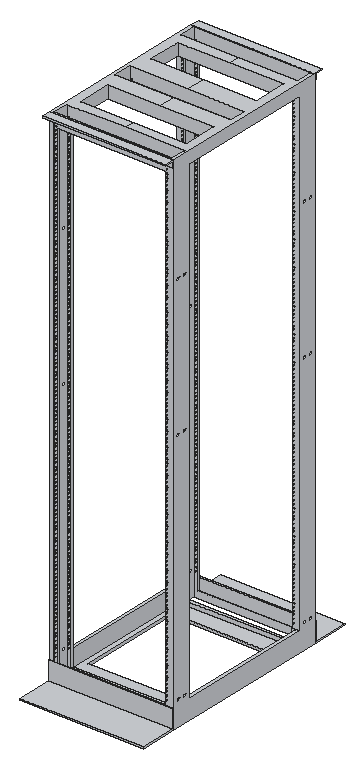
Revit family
Parameters
  Material ID = "760175703"
  Description = "EQUIPMENT RACK,FOUR POST,3/8\" SQUARE PUNCHED,19\" X 84\"H X 29\"D\r\n"
Reference planes (in)
  plane 1 "Center (Front/Back)": y = 0
  plane 2: z = 0
  plane 3 "Center (Left/Right)": x = 0
Forms (in)
  Extrusion 1, solid, not visible
    sketch origin (0, -14.305, 0) x (1, 0, 0) y (0, 0, 1)
      loop
        line (-8.5516, 0.86) -> (-8.5516, 0.46) -> (-7.9516, 0.46) -> (-7.9516, 0.86) -> (-8.5516, 0.86)
    from 0 to 0.77696
  Extrusion 2, solid
    sketch origin (0, 0, 0) x (1, 0, 0) y (0, 0, 1)
      loop
        line (-10.175, 42) -> (-10.175, -42) -> (10.175, -42) -> (10.175, 42) -> (0, 42) -> (-10.175, 42)
    from 0 to 29
  Extrusion 3, void
    sketch origin (0, 0, 0) x (1, 0, 0) y (0, 0, 1)
      loop
        line (-8.905, 40.00772) -> (-8.905, -40.8) -> (8.905, -40.8) -> (8.905, 40.00772) -> (-8.905, 40.00772)
    from 0 to 36
  Extrusion 4, void
    sketch origin (0, 0, 0) x (0, 1, 0) y (0, 0, 1)
      loop
        line (-3, 40.00772) -> (-25.79784, 40.00772) -> (-25.79784, -38.785) -> (-3, -38.785) -> (-3, 40.00772)
    from -31.70377 to 17.99623
  Extrusion 5, void
    sketch origin (0, 0, 0) x (0, 1, 0) y (0, 0, 1)
      loop
        line (-0.2, 59.72052) -> (-2.8, 59.72052) -> (-2.8, -66.46573) -> (-0.2, -66.46573) -> (-0.2, 59.72052)
    from -9.61605 to 9.71756
  Extrusion 6, void
    sketch origin (0, -29, 0) x (0, -1, 0) y (0, 0, -1)
      loop
        line (-0.2, -59.72052) -> (-0.2, 63.44959) -> (-2.8, 63.44959) -> (-2.8, -59.72052) -> (-0.2, -59.72052)
    from -9.61605 to 9.71756
  Extrusion 7, solid
    sketch origin (0, 0, -12) x (0, 1, 0) y (0, 0, 1)
      loop
        line (-29, -29.985) -> (-29, -26.785) -> (-29.2, -26.785) -> (-29.2, -29.785) -> (-35.2, -29.785) -> (-35.2, -29.985) -> (-29, -29.985)
      loop
        line (-29, 54) -> (-30.575, 54) -> (-30.575, 53.8) -> (-29.2, 53.8) -> (-29.2, 52.94396) -> (-29, 52.94396) -> (-29, 54)
      loop
        line (0, 54) -> (0, 52.94396) -> (0.2, 52.94396) -> (0.2, 53.8) -> (1.575, 53.8) -> (1.575, 54) -> (0, 54)
      loop
        line (0, -30) -> (6.2, -30) -> (6.2, -29.8) -> (0.2, -29.8) -> (0.2, -26.8) -> (0, -26.8) -> (0, -30)
    from -10.155 to 10.155
  Extrusion 8, void
    sketch origin (0, 0, 0) x (1, 0, 0) y (0, 1, 0)
      loop
        line (8.81573, -4.65622) -> (-8.68427, -4.65622) -> (-8.68427, -10.15622) -> (8.81573, -10.15622) -> (8.81573, -4.65622)
      loop
        line (9.39397, -13.32974) -> (-9.60603, -13.32974) -> (-9.60603, -16.32974) -> (9.39397, -16.32974) -> (9.39397, -13.32974)
      loop
        line (8.81573, -19.04784) -> (-8.68427, -19.04784) -> (-8.68427, -24.54784) -> (8.81573, -24.54784) -> (8.81573, -19.04784)
    from 42.36078 to 16.10929
  Extrusion 9, void
    sketch origin (0, 0, 0) x (1, 0, 0) y (0, 1, 0)
      loop
        line (8.74608, -23) -> (8.74608, -5.96462) -> (-8.75392, -5.96462) -> (-8.75392, -23) -> (8.74608, -23)
    from -52.54303 to 38.86972
  Extrusion 10, void
    sketch origin (0, 0, 0) x (0, 1, 0) y (0, 0, 1)
      loop
        circle (-26.875, 24.12) r 0.335
      loop
        circle (-28.125, 24.12) r 0.335
      loop
        circle (-0.875, 24.12) r 0.335
      loop
        circle (-2.125, 24.12) r 0.335
      loop
        circle (-26.875, 1.12) r 0.335
      loop
        circle (-28.125, 1.12) r 0.335
      loop
        circle (-0.875, 1.12) r 0.335
      loop
        circle (-2.125, 1.12) r 0.335
      loop
        circle (-26.875, -37.88) r 0.335
      loop
        circle (-28.125, -37.88) r 0.335
      loop
        circle (-0.875, -37.88) r 0.335
      loop
        circle (-2.125, -37.88) r 0.335
    from -24.88707 to 25.18322
  Extrusion 11, void
    sketch origin (0, 0, 0) x (1, 0, 0) y (0, 1, 0)
      loop
        line (-9.68285, -25.79784) -> (9.56715, -25.79784) -> (9.56715, -3.2) -> (-9.68285, -3.2) -> (-9.68285, -25.79784)
    from -41.49635 to -29.49635
  Extrusion 12, void
    sketch origin (0, 0, -12.25) x (1, 0, 0) y (0, 0, 1)
      loop
        line (-9.175, 52.604) -> (-9.264, 52.604) -> (-9.264, 52.515) -> (-9.264, 52.426) -> (-9.175, 52.426) -> (-9.086, 52.426) -> (-9.086, 52.604) -> (-9.175, 52.604)
      loop
        line (-9.175, 51.979) -> (-9.264, 51.979) -> (-9.264, 51.89) -> (-9.264, 51.801) -> (-9.175, 51.801) -> (-9.086, 51.801) -> (-9.086, 51.979) -> (-9.175, 51.979)
      loop
        line (-9.175, 51.354) -> (-9.264, 51.354) -> (-9.264, 51.265) -> (-9.264, 51.176) -> (-9.175, 51.176) -> (-9.086, 51.176) -> (-9.086, 51.354) -> (-9.175, 51.354)
      loop
        line (9.175, 52.604) -> (9.086, 52.604) -> (9.086, 52.426) -> (9.175, 52.426) -> (9.264, 52.426) -> (9.264, 52.515) -> (9.264, 52.604) -> (9.175, 52.604)
      loop
        line (9.175, 51.979) -> (9.086, 51.979) -> (9.086, 51.801) -> (9.175, 51.801) -> (9.264, 51.801) -> (9.264, 51.89) -> (9.264, 51.979) -> (9.175, 51.979)
      loop
        line (9.175, 51.354) -> (9.086, 51.354) -> (9.086, 51.176) -> (9.175, 51.176) -> (9.264, 51.176) -> (9.264, 51.265) -> (9.264, 51.354) -> (9.175, 51.354)
    from 0 to 36
  Extrusion 13, void
    sketch origin (0, 0, -14) x (1, 0, 0) y (0, 0, 1)
      loop
        line (-9.175, 52.604) -> (-9.264, 52.604) -> (-9.264, 52.515) -> (-9.264, 52.426) -> (-9.175, 52.426) -> (-9.086, 52.426) -> (-9.086, 52.604) -> (-9.175, 52.604)
      loop
        line (-9.175, 51.979) -> (-9.264, 51.979) -> (-9.264, 51.89) -> (-9.264, 51.801) -> (-9.175, 51.801) -> (-9.086, 51.801) -> (-9.086, 51.979) -> (-9.175, 51.979)
      loop
        line (-9.175, 51.354) -> (-9.264, 51.354) -> (-9.264, 51.265) -> (-9.264, 51.176) -> (-9.175, 51.176) -> (-9.086, 51.176) -> (-9.086, 51.354) -> (-9.175, 51.354)
      loop
        line (9.175, 52.604) -> (9.086, 52.604) -> (9.086, 52.426) -> (9.175, 52.426) -> (9.264, 52.426) -> (9.264, 52.515) -> (9.264, 52.604) -> (9.175, 52.604)
      loop
        line (9.175, 51.979) -> (9.086, 51.979) -> (9.086, 51.801) -> (9.175, 51.801) -> (9.264, 51.801) -> (9.264, 51.89) -> (9.264, 51.979) -> (9.175, 51.979)
      loop
        line (9.175, 51.354) -> (9.086, 51.354) -> (9.086, 51.176) -> (9.175, 51.176) -> (9.264, 51.176) -> (9.264, 51.265) -> (9.264, 51.354) -> (9.175, 51.354)
    from 0 to 36
  Extrusion 14, void
    sketch origin (0, 0, -15.75) x (1, 0, 0) y (0, 0, 1)
      loop
        line (-9.175, 52.604) -> (-9.264, 52.604) -> (-9.264, 52.515) -> (-9.264, 52.426) -> (-9.175, 52.426) -> (-9.086, 52.426) -> (-9.086, 52.604) -> (-9.175, 52.604)
      loop
        line (-9.175, 51.979) -> (-9.264, 51.979) -> (-9.264, 51.89) -> (-9.264, 51.801) -> (-9.175, 51.801) -> (-9.086, 51.801) -> (-9.086, 51.979) -> (-9.175, 51.979)
      loop
        line (-9.175, 51.354) -> (-9.264, 51.354) -> (-9.264, 51.265) -> (-9.264, 51.176) -> (-9.175, 51.176) -> (-9.086, 51.176) -> (-9.086, 51.354) -> (-9.175, 51.354)
      loop
        line (9.175, 52.604) -> (9.086, 52.604) -> (9.086, 52.426) -> (9.175, 52.426) -> (9.264, 52.426) -> (9.264, 52.515) -> (9.264, 52.604) -> (9.175, 52.604)
      loop
        line (9.175, 51.979) -> (9.086, 51.979) -> (9.086, 51.801) -> (9.175, 51.801) -> (9.264, 51.801) -> (9.264, 51.89) -> (9.264, 51.979) -> (9.175, 51.979)
      loop
        line (9.175, 51.354) -> (9.086, 51.354) -> (9.086, 51.176) -> (9.175, 51.176) -> (9.264, 51.176) -> (9.264, 51.265) -> (9.264, 51.354) -> (9.175, 51.354)
    from 0 to 36
  Extrusion 15, void
    sketch origin (0, 0, -17.5) x (1, 0, 0) y (0, 0, 1)
      loop
        line (-9.175, 52.604) -> (-9.264, 52.604) -> (-9.264, 52.515) -> (-9.264, 52.426) -> (-9.175, 52.426) -> (-9.086, 52.426) -> (-9.086, 52.604) -> (-9.175, 52.604)
      loop
        line (-9.175, 51.979) -> (-9.264, 51.979) -> (-9.264, 51.89) -> (-9.264, 51.801) -> (-9.175, 51.801) -> (-9.086, 51.801) -> (-9.086, 51.979) -> (-9.175, 51.979)
      loop
        line (-9.175, 51.354) -> (-9.264, 51.354) -> (-9.264, 51.265) -> (-9.264, 51.176) -> (-9.175, 51.176) -> (-9.086, 51.176) -> (-9.086, 51.354) -> (-9.175, 51.354)
      loop
        line (9.175, 52.604) -> (9.086, 52.604) -> (9.086, 52.426) -> (9.175, 52.426) -> (9.264, 52.426) -> (9.264, 52.515) -> (9.264, 52.604) -> (9.175, 52.604)
      loop
        line (9.175, 51.979) -> (9.086, 51.979) -> (9.086, 51.801) -> (9.175, 51.801) -> (9.264, 51.801) -> (9.264, 51.89) -> (9.264, 51.979) -> (9.175, 51.979)
      loop
        line (9.175, 51.354) -> (9.086, 51.354) -> (9.086, 51.176) -> (9.175, 51.176) -> (9.264, 51.176) -> (9.264, 51.265) -> (9.264, 51.354) -> (9.175, 51.354)
    from 0 to 36
  Extrusion 16, void
    sketch origin (0, 0, -19.25) x (1, 0, 0) y (0, 0, 1)
      loop
        line (-9.175, 52.604) -> (-9.264, 52.604) -> (-9.264, 52.515) -> (-9.264, 52.426) -> (-9.175, 52.426) -> (-9.086, 52.426) -> (-9.086, 52.604) -> (-9.175, 52.604)
      loop
        line (-9.175, 51.979) -> (-9.264, 51.979) -> (-9.264, 51.89) -> (-9.264, 51.801) -> (-9.175, 51.801) -> (-9.086, 51.801) -> (-9.086, 51.979) -> (-9.175, 51.979)
      loop
        line (-9.175, 51.354) -> (-9.264, 51.354) -> (-9.264, 51.265) -> (-9.264, 51.176) -> (-9.175, 51.176) -> (-9.086, 51.176) -> (-9.086, 51.354) -> (-9.175, 51.354)
      loop
        line (9.175, 52.604) -> (9.086, 52.604) -> (9.086, 52.426) -> (9.175, 52.426) -> (9.264, 52.426) -> (9.264, 52.515) -> (9.264, 52.604) -> (9.175, 52.604)
      loop
        line (9.175, 51.979) -> (9.086, 51.979) -> (9.086, 51.801) -> (9.175, 51.801) -> (9.264, 51.801) -> (9.264, 51.89) -> (9.264, 51.979) -> (9.175, 51.979)
      loop
        line (9.175, 51.354) -> (9.086, 51.354) -> (9.086, 51.176) -> (9.175, 51.176) -> (9.264, 51.176) -> (9.264, 51.265) -> (9.264, 51.354) -> (9.175, 51.354)
    from 0 to 36
  Extrusion 17, void
    sketch origin (0, 0, -21) x (1, 0, 0) y (0, 0, 1)
      loop
        line (-9.175, 52.604) -> (-9.264, 52.604) -> (-9.264, 52.515) -> (-9.264, 52.426) -> (-9.175, 52.426) -> (-9.086, 52.426) -> (-9.086, 52.604) -> (-9.175, 52.604)
      loop
        line (-9.175, 51.979) -> (-9.264, 51.979) -> (-9.264, 51.89) -> (-9.264, 51.801) -> (-9.175, 51.801) -> (-9.086, 51.801) -> (-9.086, 51.979) -> (-9.175, 51.979)
      loop
        line (-9.175, 51.354) -> (-9.264, 51.354) -> (-9.264, 51.265) -> (-9.264, 51.176) -> (-9.175, 51.176) -> (-9.086, 51.176) -> (-9.086, 51.354) -> (-9.175, 51.354)
      loop
        line (9.175, 52.604) -> (9.086, 52.604) -> (9.086, 52.426) -> (9.175, 52.426) -> (9.264, 52.426) -> (9.264, 52.515) -> (9.264, 52.604) -> (9.175, 52.604)
      loop
        line (9.175, 51.979) -> (9.086, 51.979) -> (9.086, 51.801) -> (9.175, 51.801) -> (9.264, 51.801) -> (9.264, 51.89) -> (9.264, 51.979) -> (9.175, 51.979)
      loop
        line (9.175, 51.354) -> (9.086, 51.354) -> (9.086, 51.176) -> (9.175, 51.176) -> (9.264, 51.176) -> (9.264, 51.265) -> (9.264, 51.354) -> (9.175, 51.354)
    from 0 to 36
  Extrusion 18, void
    sketch origin (0, 0, -22.75) x (1, 0, 0) y (0, 0, 1)
      loop
        line (-9.175, 52.604) -> (-9.264, 52.604) -> (-9.264, 52.515) -> (-9.264, 52.426) -> (-9.175, 52.426) -> (-9.086, 52.426) -> (-9.086, 52.604) -> (-9.175, 52.604)
      loop
        line (-9.175, 51.979) -> (-9.264, 51.979) -> (-9.264, 51.89) -> (-9.264, 51.801) -> (-9.175, 51.801) -> (-9.086, 51.801) -> (-9.086, 51.979) -> (-9.175, 51.979)
      loop
        line (-9.175, 51.354) -> (-9.264, 51.354) -> (-9.264, 51.265) -> (-9.264, 51.176) -> (-9.175, 51.176) -> (-9.086, 51.176) -> (-9.086, 51.354) -> (-9.175, 51.354)
      loop
        line (9.175, 52.604) -> (9.086, 52.604) -> (9.086, 52.426) -> (9.175, 52.426) -> (9.264, 52.426) -> (9.264, 52.515) -> (9.264, 52.604) -> (9.175, 52.604)
      loop
        line (9.175, 51.979) -> (9.086, 51.979) -> (9.086, 51.801) -> (9.175, 51.801) -> (9.264, 51.801) -> (9.264, 51.89) -> (9.264, 51.979) -> (9.175, 51.979)
      loop
        line (9.175, 51.354) -> (9.086, 51.354) -> (9.086, 51.176) -> (9.175, 51.176) -> (9.264, 51.176) -> (9.264, 51.265) -> (9.264, 51.354) -> (9.175, 51.354)
    from 0 to 36
  Extrusion 19, void
    sketch origin (0, 0, -24.5) x (1, 0, 0) y (0, 0, 1)
      loop
        line (-9.175, 52.604) -> (-9.264, 52.604) -> (-9.264, 52.515) -> (-9.264, 52.426) -> (-9.175, 52.426) -> (-9.086, 52.426) -> (-9.086, 52.604) -> (-9.175, 52.604)
      loop
        line (-9.175, 51.979) -> (-9.264, 51.979) -> (-9.264, 51.89) -> (-9.264, 51.801) -> (-9.175, 51.801) -> (-9.086, 51.801) -> (-9.086, 51.979) -> (-9.175, 51.979)
      loop
        line (-9.175, 51.354) -> (-9.264, 51.354) -> (-9.264, 51.265) -> (-9.264, 51.176) -> (-9.175, 51.176) -> (-9.086, 51.176) -> (-9.086, 51.354) -> (-9.175, 51.354)
      loop
        line (9.175, 52.604) -> (9.086, 52.604) -> (9.086, 52.426) -> (9.175, 52.426) -> (9.264, 52.426) -> (9.264, 52.515) -> (9.264, 52.604) -> (9.175, 52.604)
      loop
        line (9.175, 51.979) -> (9.086, 51.979) -> (9.086, 51.801) -> (9.175, 51.801) -> (9.264, 51.801) -> (9.264, 51.89) -> (9.264, 51.979) -> (9.175, 51.979)
      loop
        line (9.175, 51.354) -> (9.086, 51.354) -> (9.086, 51.176) -> (9.175, 51.176) -> (9.264, 51.176) -> (9.264, 51.265) -> (9.264, 51.354) -> (9.175, 51.354)
    from 0 to 36
  Extrusion 20, void
    sketch origin (0, 0, -26.25) x (1, 0, 0) y (0, 0, 1)
      loop
        line (-9.175, 52.604) -> (-9.264, 52.604) -> (-9.264, 52.515) -> (-9.264, 52.426) -> (-9.175, 52.426) -> (-9.086, 52.426) -> (-9.086, 52.604) -> (-9.175, 52.604)
      loop
        line (-9.175, 51.979) -> (-9.264, 51.979) -> (-9.264, 51.89) -> (-9.264, 51.801) -> (-9.175, 51.801) -> (-9.086, 51.801) -> (-9.086, 51.979) -> (-9.175, 51.979)
      loop
        line (-9.175, 51.354) -> (-9.264, 51.354) -> (-9.264, 51.265) -> (-9.264, 51.176) -> (-9.175, 51.176) -> (-9.086, 51.176) -> (-9.086, 51.354) -> (-9.175, 51.354)
      loop
        line (9.175, 52.604) -> (9.086, 52.604) -> (9.086, 52.426) -> (9.175, 52.426) -> (9.264, 52.426) -> (9.264, 52.515) -> (9.264, 52.604) -> (9.175, 52.604)
      loop
        line (9.175, 51.979) -> (9.086, 51.979) -> (9.086, 51.801) -> (9.175, 51.801) -> (9.264, 51.801) -> (9.264, 51.89) -> (9.264, 51.979) -> (9.175, 51.979)
      loop
        line (9.175, 51.354) -> (9.086, 51.354) -> (9.086, 51.176) -> (9.175, 51.176) -> (9.264, 51.176) -> (9.264, 51.265) -> (9.264, 51.354) -> (9.175, 51.354)
    from 0 to 36
  Extrusion 21, void
    sketch origin (0, 0, -28) x (1, 0, 0) y (0, 0, 1)
      loop
        line (-9.175, 52.604) -> (-9.264, 52.604) -> (-9.264, 52.515) -> (-9.264, 52.426) -> (-9.175, 52.426) -> (-9.086, 52.426) -> (-9.086, 52.604) -> (-9.175, 52.604)
      loop
        line (-9.175, 51.979) -> (-9.264, 51.979) -> (-9.264, 51.89) -> (-9.264, 51.801) -> (-9.175, 51.801) -> (-9.086, 51.801) -> (-9.086, 51.979) -> (-9.175, 51.979)
      loop
        line (-9.175, 51.354) -> (-9.264, 51.354) -> (-9.264, 51.265) -> (-9.264, 51.176) -> (-9.175, 51.176) -> (-9.086, 51.176) -> (-9.086, 51.354) -> (-9.175, 51.354)
      loop
        line (9.175, 52.604) -> (9.086, 52.604) -> (9.086, 52.426) -> (9.175, 52.426) -> (9.264, 52.426) -> (9.264, 52.515) -> (9.264, 52.604) -> (9.175, 52.604)
      loop
        line (9.175, 51.979) -> (9.086, 51.979) -> (9.086, 51.801) -> (9.175, 51.801) -> (9.264, 51.801) -> (9.264, 51.89) -> (9.264, 51.979) -> (9.175, 51.979)
      loop
        line (9.175, 51.354) -> (9.086, 51.354) -> (9.086, 51.176) -> (9.175, 51.176) -> (9.264, 51.176) -> (9.264, 51.265) -> (9.264, 51.354) -> (9.175, 51.354)
    from 0 to 36
  Extrusion 22, void
    sketch origin (0, 0, -29.75) x (1, 0, 0) y (0, 0, 1)
      loop
        line (-9.175, 52.604) -> (-9.264, 52.604) -> (-9.264, 52.515) -> (-9.264, 52.426) -> (-9.175, 52.426) -> (-9.086, 52.426) -> (-9.086, 52.604) -> (-9.175, 52.604)
      loop
        line (-9.175, 51.979) -> (-9.264, 51.979) -> (-9.264, 51.89) -> (-9.264, 51.801) -> (-9.175, 51.801) -> (-9.086, 51.801) -> (-9.086, 51.979) -> (-9.175, 51.979)
      loop
        line (-9.175, 51.354) -> (-9.264, 51.354) -> (-9.264, 51.265) -> (-9.264, 51.176) -> (-9.175, 51.176) -> (-9.086, 51.176) -> (-9.086, 51.354) -> (-9.175, 51.354)
      loop
        line (9.175, 52.604) -> (9.086, 52.604) -> (9.086, 52.426) -> (9.175, 52.426) -> (9.264, 52.426) -> (9.264, 52.515) -> (9.264, 52.604) -> (9.175, 52.604)
      loop
        line (9.175, 51.979) -> (9.086, 51.979) -> (9.086, 51.801) -> (9.175, 51.801) -> (9.264, 51.801) -> (9.264, 51.89) -> (9.264, 51.979) -> (9.175, 51.979)
      loop
        line (9.175, 51.354) -> (9.086, 51.354) -> (9.086, 51.176) -> (9.175, 51.176) -> (9.264, 51.176) -> (9.264, 51.265) -> (9.264, 51.354) -> (9.175, 51.354)
    from 0 to 36
  Extrusion 23, void
    sketch origin (0, 0, -31.5) x (1, 0, 0) y (0, 0, 1)
      loop
        line (-9.175, 52.604) -> (-9.264, 52.604) -> (-9.264, 52.515) -> (-9.264, 52.426) -> (-9.175, 52.426) -> (-9.086, 52.426) -> (-9.086, 52.604) -> (-9.175, 52.604)
      loop
        line (-9.175, 51.979) -> (-9.264, 51.979) -> (-9.264, 51.89) -> (-9.264, 51.801) -> (-9.175, 51.801) -> (-9.086, 51.801) -> (-9.086, 51.979) -> (-9.175, 51.979)
      loop
        line (-9.175, 51.354) -> (-9.264, 51.354) -> (-9.264, 51.265) -> (-9.264, 51.176) -> (-9.175, 51.176) -> (-9.086, 51.176) -> (-9.086, 51.354) -> (-9.175, 51.354)
      loop
        line (9.175, 52.604) -> (9.086, 52.604) -> (9.086, 52.426) -> (9.175, 52.426) -> (9.264, 52.426) -> (9.264, 52.515) -> (9.264, 52.604) -> (9.175, 52.604)
      loop
        line (9.175, 51.979) -> (9.086, 51.979) -> (9.086, 51.801) -> (9.175, 51.801) -> (9.264, 51.801) -> (9.264, 51.89) -> (9.264, 51.979) -> (9.175, 51.979)
      loop
        line (9.175, 51.354) -> (9.086, 51.354) -> (9.086, 51.176) -> (9.175, 51.176) -> (9.264, 51.176) -> (9.264, 51.265) -> (9.264, 51.354) -> (9.175, 51.354)
    from 0 to 36
  Extrusion 24, void
    sketch origin (0, 0, -33.25) x (1, 0, 0) y (0, 0, 1)
      loop
        line (-9.175, 52.604) -> (-9.264, 52.604) -> (-9.264, 52.515) -> (-9.264, 52.426) -> (-9.175, 52.426) -> (-9.086, 52.426) -> (-9.086, 52.604) -> (-9.175, 52.604)
      loop
        line (-9.175, 51.979) -> (-9.264, 51.979) -> (-9.264, 51.89) -> (-9.264, 51.801) -> (-9.175, 51.801) -> (-9.086, 51.801) -> (-9.086, 51.979) -> (-9.175, 51.979)
      loop
        line (-9.175, 51.354) -> (-9.264, 51.354) -> (-9.264, 51.265) -> (-9.264, 51.176) -> (-9.175, 51.176) -> (-9.086, 51.176) -> (-9.086, 51.354) -> (-9.175, 51.354)
      loop
        line (9.175, 52.604) -> (9.086, 52.604) -> (9.086, 52.426) -> (9.175, 52.426) -> (9.264, 52.426) -> (9.264, 52.515) -> (9.264, 52.604) -> (9.175, 52.604)
      loop
        line (9.175, 51.979) -> (9.086, 51.979) -> (9.086, 51.801) -> (9.175, 51.801) -> (9.264, 51.801) -> (9.264, 51.89) -> (9.264, 51.979) -> (9.175, 51.979)
      loop
        line (9.175, 51.354) -> (9.086, 51.354) -> (9.086, 51.176) -> (9.175, 51.176) -> (9.264, 51.176) -> (9.264, 51.265) -> (9.264, 51.354) -> (9.175, 51.354)
    from 0 to 36
  Extrusion 25, void
    sketch origin (0, 0, -35) x (1, 0, 0) y (0, 0, 1)
      loop
        line (-9.175, 52.604) -> (-9.264, 52.604) -> (-9.264, 52.515) -> (-9.264, 52.426) -> (-9.175, 52.426) -> (-9.086, 52.426) -> (-9.086, 52.604) -> (-9.175, 52.604)
      loop
        line (-9.175, 51.979) -> (-9.264, 51.979) -> (-9.264, 51.89) -> (-9.264, 51.801) -> (-9.175, 51.801) -> (-9.086, 51.801) -> (-9.086, 51.979) -> (-9.175, 51.979)
      loop
        line (-9.175, 51.354) -> (-9.264, 51.354) -> (-9.264, 51.265) -> (-9.264, 51.176) -> (-9.175, 51.176) -> (-9.086, 51.176) -> (-9.086, 51.354) -> (-9.175, 51.354)
      loop
        line (9.175, 52.604) -> (9.086, 52.604) -> (9.086, 52.426) -> (9.175, 52.426) -> (9.264, 52.426) -> (9.264, 52.515) -> (9.264, 52.604) -> (9.175, 52.604)
      loop
        line (9.175, 51.979) -> (9.086, 51.979) -> (9.086, 51.801) -> (9.175, 51.801) -> (9.264, 51.801) -> (9.264, 51.89) -> (9.264, 51.979) -> (9.175, 51.979)
      loop
        line (9.175, 51.354) -> (9.086, 51.354) -> (9.086, 51.176) -> (9.175, 51.176) -> (9.264, 51.176) -> (9.264, 51.265) -> (9.264, 51.354) -> (9.175, 51.354)
    from 0 to 36
  Extrusion 26, void
    sketch origin (0, 0, -36.75) x (1, 0, 0) y (0, 0, 1)
      loop
        line (-9.175, 52.604) -> (-9.264, 52.604) -> (-9.264, 52.515) -> (-9.264, 52.426) -> (-9.175, 52.426) -> (-9.086, 52.426) -> (-9.086, 52.604) -> (-9.175, 52.604)
      loop
        line (-9.175, 51.979) -> (-9.264, 51.979) -> (-9.264, 51.89) -> (-9.264, 51.801) -> (-9.175, 51.801) -> (-9.086, 51.801) -> (-9.086, 51.979) -> (-9.175, 51.979)
      loop
        line (-9.175, 51.354) -> (-9.264, 51.354) -> (-9.264, 51.265) -> (-9.264, 51.176) -> (-9.175, 51.176) -> (-9.086, 51.176) -> (-9.086, 51.354) -> (-9.175, 51.354)
      loop
        line (9.175, 52.604) -> (9.086, 52.604) -> (9.086, 52.426) -> (9.175, 52.426) -> (9.264, 52.426) -> (9.264, 52.515) -> (9.264, 52.604) -> (9.175, 52.604)
      loop
        line (9.175, 51.979) -> (9.086, 51.979) -> (9.086, 51.801) -> (9.175, 51.801) -> (9.264, 51.801) -> (9.264, 51.89) -> (9.264, 51.979) -> (9.175, 51.979)
      loop
        line (9.175, 51.354) -> (9.086, 51.354) -> (9.086, 51.176) -> (9.175, 51.176) -> (9.264, 51.176) -> (9.264, 51.265) -> (9.264, 51.354) -> (9.175, 51.354)
    from 0 to 36
  Extrusion 27, void
    sketch origin (0, 0, -38.5) x (1, 0, 0) y (0, 0, 1)
      loop
        line (-9.175, 52.604) -> (-9.264, 52.604) -> (-9.264, 52.515) -> (-9.264, 52.426) -> (-9.175, 52.426) -> (-9.086, 52.426) -> (-9.086, 52.604) -> (-9.175, 52.604)
      loop
        line (-9.175, 51.979) -> (-9.264, 51.979) -> (-9.264, 51.89) -> (-9.264, 51.801) -> (-9.175, 51.801) -> (-9.086, 51.801) -> (-9.086, 51.979) -> (-9.175, 51.979)
      loop
        line (-9.175, 51.354) -> (-9.264, 51.354) -> (-9.264, 51.265) -> (-9.264, 51.176) -> (-9.175, 51.176) -> (-9.086, 51.176) -> (-9.086, 51.354) -> (-9.175, 51.354)
      loop
        line (9.175, 52.604) -> (9.086, 52.604) -> (9.086, 52.426) -> (9.175, 52.426) -> (9.264, 52.426) -> (9.264, 52.515) -> (9.264, 52.604) -> (9.175, 52.604)
      loop
        line (9.175, 51.979) -> (9.086, 51.979) -> (9.086, 51.801) -> (9.175, 51.801) -> (9.264, 51.801) -> (9.264, 51.89) -> (9.264, 51.979) -> (9.175, 51.979)
      loop
        line (9.175, 51.354) -> (9.086, 51.354) -> (9.086, 51.176) -> (9.175, 51.176) -> (9.264, 51.176) -> (9.264, 51.265) -> (9.264, 51.354) -> (9.175, 51.354)
    from 0 to 36
  Extrusion 28, void
    sketch origin (0, 0, -40.25) x (1, 0, 0) y (0, 0, 1)
      loop
        line (-9.175, 52.604) -> (-9.264, 52.604) -> (-9.264, 52.515) -> (-9.264, 52.426) -> (-9.175, 52.426) -> (-9.086, 52.426) -> (-9.086, 52.604) -> (-9.175, 52.604)
      loop
        line (-9.175, 51.979) -> (-9.264, 51.979) -> (-9.264, 51.89) -> (-9.264, 51.801) -> (-9.175, 51.801) -> (-9.086, 51.801) -> (-9.086, 51.979) -> (-9.175, 51.979)
      loop
        line (-9.175, 51.354) -> (-9.264, 51.354) -> (-9.264, 51.265) -> (-9.264, 51.176) -> (-9.175, 51.176) -> (-9.086, 51.176) -> (-9.086, 51.354) -> (-9.175, 51.354)
      loop
        line (9.175, 52.604) -> (9.086, 52.604) -> (9.086, 52.426) -> (9.175, 52.426) -> (9.264, 52.426) -> (9.264, 52.515) -> (9.264, 52.604) -> (9.175, 52.604)
      loop
        line (9.175, 51.979) -> (9.086, 51.979) -> (9.086, 51.801) -> (9.175, 51.801) -> (9.264, 51.801) -> (9.264, 51.89) -> (9.264, 51.979) -> (9.175, 51.979)
      loop
        line (9.175, 51.354) -> (9.086, 51.354) -> (9.086, 51.176) -> (9.175, 51.176) -> (9.264, 51.176) -> (9.264, 51.265) -> (9.264, 51.354) -> (9.175, 51.354)
    from 0 to 36
  Extrusion 29, void
    sketch origin (0, 0, -42) x (1, 0, 0) y (0, 0, 1)
      loop
        line (-9.175, 52.604) -> (-9.264, 52.604) -> (-9.264, 52.515) -> (-9.264, 52.426) -> (-9.175, 52.426) -> (-9.086, 52.426) -> (-9.086, 52.604) -> (-9.175, 52.604)
      loop
        line (-9.175, 51.979) -> (-9.264, 51.979) -> (-9.264, 51.89) -> (-9.264, 51.801) -> (-9.175, 51.801) -> (-9.086, 51.801) -> (-9.086, 51.979) -> (-9.175, 51.979)
      loop
        line (-9.175, 51.354) -> (-9.264, 51.354) -> (-9.264, 51.265) -> (-9.264, 51.176) -> (-9.175, 51.176) -> (-9.086, 51.176) -> (-9.086, 51.354) -> (-9.175, 51.354)
      loop
        line (9.175, 52.604) -> (9.086, 52.604) -> (9.086, 52.426) -> (9.175, 52.426) -> (9.264, 52.426) -> (9.264, 52.515) -> (9.264, 52.604) -> (9.175, 52.604)
      loop
        line (9.175, 51.979) -> (9.086, 51.979) -> (9.086, 51.801) -> (9.175, 51.801) -> (9.264, 51.801) -> (9.264, 51.89) -> (9.264, 51.979) -> (9.175, 51.979)
      loop
        line (9.175, 51.354) -> (9.086, 51.354) -> (9.086, 51.176) -> (9.175, 51.176) -> (9.264, 51.176) -> (9.264, 51.265) -> (9.264, 51.354) -> (9.175, 51.354)
    from 0 to 36
  Extrusion 30, void
    sketch origin (0, 0, -43.75) x (1, 0, 0) y (0, 0, 1)
      loop
        line (-9.175, 52.604) -> (-9.264, 52.604) -> (-9.264, 52.515) -> (-9.264, 52.426) -> (-9.175, 52.426) -> (-9.086, 52.426) -> (-9.086, 52.604) -> (-9.175, 52.604)
      loop
        line (-9.175, 51.979) -> (-9.264, 51.979) -> (-9.264, 51.89) -> (-9.264, 51.801) -> (-9.175, 51.801) -> (-9.086, 51.801) -> (-9.086, 51.979) -> (-9.175, 51.979)
      loop
        line (-9.175, 51.354) -> (-9.264, 51.354) -> (-9.264, 51.265) -> (-9.264, 51.176) -> (-9.175, 51.176) -> (-9.086, 51.176) -> (-9.086, 51.354) -> (-9.175, 51.354)
      loop
        line (9.175, 52.604) -> (9.086, 52.604) -> (9.086, 52.426) -> (9.175, 52.426) -> (9.264, 52.426) -> (9.264, 52.515) -> (9.264, 52.604) -> (9.175, 52.604)
      loop
        line (9.175, 51.979) -> (9.086, 51.979) -> (9.086, 51.801) -> (9.175, 51.801) -> (9.264, 51.801) -> (9.264, 51.89) -> (9.264, 51.979) -> (9.175, 51.979)
      loop
        line (9.175, 51.354) -> (9.086, 51.354) -> (9.086, 51.176) -> (9.175, 51.176) -> (9.264, 51.176) -> (9.264, 51.265) -> (9.264, 51.354) -> (9.175, 51.354)
    from 0 to 36
  Extrusion 31, void
    sketch origin (0, 0, -45.5) x (1, 0, 0) y (0, 0, 1)
      loop
        line (-9.175, 52.604) -> (-9.264, 52.604) -> (-9.264, 52.515) -> (-9.264, 52.426) -> (-9.175, 52.426) -> (-9.086, 52.426) -> (-9.086, 52.604) -> (-9.175, 52.604)
      loop
        line (-9.175, 51.979) -> (-9.264, 51.979) -> (-9.264, 51.89) -> (-9.264, 51.801) -> (-9.175, 51.801) -> (-9.086, 51.801) -> (-9.086, 51.979) -> (-9.175, 51.979)
      loop
        line (-9.175, 51.354) -> (-9.264, 51.354) -> (-9.264, 51.265) -> (-9.264, 51.176) -> (-9.175, 51.176) -> (-9.086, 51.176) -> (-9.086, 51.354) -> (-9.175, 51.354)
      loop
        line (9.175, 52.604) -> (9.086, 52.604) -> (9.086, 52.426) -> (9.175, 52.426) -> (9.264, 52.426) -> (9.264, 52.515) -> (9.264, 52.604) -> (9.175, 52.604)
      loop
        line (9.175, 51.979) -> (9.086, 51.979) -> (9.086, 51.801) -> (9.175, 51.801) -> (9.264, 51.801) -> (9.264, 51.89) -> (9.264, 51.979) -> (9.175, 51.979)
      loop
        line (9.175, 51.354) -> (9.086, 51.354) -> (9.086, 51.176) -> (9.175, 51.176) -> (9.264, 51.176) -> (9.264, 51.265) -> (9.264, 51.354) -> (9.175, 51.354)
    from 0 to 36
  Extrusion 32, void
    sketch origin (0, 0, -47.25) x (1, 0, 0) y (0, 0, 1)
      loop
        line (-9.175, 52.604) -> (-9.264, 52.604) -> (-9.264, 52.515) -> (-9.264, 52.426) -> (-9.175, 52.426) -> (-9.086, 52.426) -> (-9.086, 52.604) -> (-9.175, 52.604)
      loop
        line (-9.175, 51.979) -> (-9.264, 51.979) -> (-9.264, 51.89) -> (-9.264, 51.801) -> (-9.175, 51.801) -> (-9.086, 51.801) -> (-9.086, 51.979) -> (-9.175, 51.979)
      loop
        line (-9.175, 51.354) -> (-9.264, 51.354) -> (-9.264, 51.265) -> (-9.264, 51.176) -> (-9.175, 51.176) -> (-9.086, 51.176) -> (-9.086, 51.354) -> (-9.175, 51.354)
      loop
        line (9.175, 52.604) -> (9.086, 52.604) -> (9.086, 52.426) -> (9.175, 52.426) -> (9.264, 52.426) -> (9.264, 52.515) -> (9.264, 52.604) -> (9.175, 52.604)
      loop
        line (9.175, 51.979) -> (9.086, 51.979) -> (9.086, 51.801) -> (9.175, 51.801) -> (9.264, 51.801) -> (9.264, 51.89) -> (9.264, 51.979) -> (9.175, 51.979)
      loop
        line (9.175, 51.354) -> (9.086, 51.354) -> (9.086, 51.176) -> (9.175, 51.176) -> (9.264, 51.176) -> (9.264, 51.265) -> (9.264, 51.354) -> (9.175, 51.354)
    from 0 to 36
  Extrusion 33, void
    sketch origin (0, 0, -49) x (1, 0, 0) y (0, 0, 1)
      loop
        line (-9.175, 52.604) -> (-9.264, 52.604) -> (-9.264, 52.515) -> (-9.264, 52.426) -> (-9.175, 52.426) -> (-9.086, 52.426) -> (-9.086, 52.604) -> (-9.175, 52.604)
      loop
        line (-9.175, 51.979) -> (-9.264, 51.979) -> (-9.264, 51.89) -> (-9.264, 51.801) -> (-9.175, 51.801) -> (-9.086, 51.801) -> (-9.086, 51.979) -> (-9.175, 51.979)
      loop
        line (-9.175, 51.354) -> (-9.264, 51.354) -> (-9.264, 51.265) -> (-9.264, 51.176) -> (-9.175, 51.176) -> (-9.086, 51.176) -> (-9.086, 51.354) -> (-9.175, 51.354)
      loop
        line (9.175, 52.604) -> (9.086, 52.604) -> (9.086, 52.426) -> (9.175, 52.426) -> (9.264, 52.426) -> (9.264, 52.515) -> (9.264, 52.604) -> (9.175, 52.604)
      loop
        line (9.175, 51.979) -> (9.086, 51.979) -> (9.086, 51.801) -> (9.175, 51.801) -> (9.264, 51.801) -> (9.264, 51.89) -> (9.264, 51.979) -> (9.175, 51.979)
      loop
        line (9.175, 51.354) -> (9.086, 51.354) -> (9.086, 51.176) -> (9.175, 51.176) -> (9.264, 51.176) -> (9.264, 51.265) -> (9.264, 51.354) -> (9.175, 51.354)
    from 0 to 36
  Extrusion 34, void
    sketch origin (0, 0, -50.75) x (1, 0, 0) y (0, 0, 1)
      loop
        line (-9.175, 52.604) -> (-9.264, 52.604) -> (-9.264, 52.515) -> (-9.264, 52.426) -> (-9.175, 52.426) -> (-9.086, 52.426) -> (-9.086, 52.604) -> (-9.175, 52.604)
      loop
        line (-9.175, 51.979) -> (-9.264, 51.979) -> (-9.264, 51.89) -> (-9.264, 51.801) -> (-9.175, 51.801) -> (-9.086, 51.801) -> (-9.086, 51.979) -> (-9.175, 51.979)
      loop
        line (-9.175, 51.354) -> (-9.264, 51.354) -> (-9.264, 51.265) -> (-9.264, 51.176) -> (-9.175, 51.176) -> (-9.086, 51.176) -> (-9.086, 51.354) -> (-9.175, 51.354)
      loop
        line (9.175, 52.604) -> (9.086, 52.604) -> (9.086, 52.426) -> (9.175, 52.426) -> (9.264, 52.426) -> (9.264, 52.515) -> (9.264, 52.604) -> (9.175, 52.604)
      loop
        line (9.175, 51.979) -> (9.086, 51.979) -> (9.086, 51.801) -> (9.175, 51.801) -> (9.264, 51.801) -> (9.264, 51.89) -> (9.264, 51.979) -> (9.175, 51.979)
      loop
        line (9.175, 51.354) -> (9.086, 51.354) -> (9.086, 51.176) -> (9.175, 51.176) -> (9.264, 51.176) -> (9.264, 51.265) -> (9.264, 51.354) -> (9.175, 51.354)
    from 0 to 36
  Extrusion 35, void
    sketch origin (0, 0, -52.5) x (1, 0, 0) y (0, 0, 1)
      loop
        line (-9.175, 52.604) -> (-9.264, 52.604) -> (-9.264, 52.515) -> (-9.264, 52.426) -> (-9.175, 52.426) -> (-9.086, 52.426) -> (-9.086, 52.604) -> (-9.175, 52.604)
      loop
        line (-9.175, 51.979) -> (-9.264, 51.979) -> (-9.264, 51.89) -> (-9.264, 51.801) -> (-9.175, 51.801) -> (-9.086, 51.801) -> (-9.086, 51.979) -> (-9.175, 51.979)
      loop
        line (-9.175, 51.354) -> (-9.264, 51.354) -> (-9.264, 51.265) -> (-9.264, 51.176) -> (-9.175, 51.176) -> (-9.086, 51.176) -> (-9.086, 51.354) -> (-9.175, 51.354)
      loop
        line (9.175, 52.604) -> (9.086, 52.604) -> (9.086, 52.426) -> (9.175, 52.426) -> (9.264, 52.426) -> (9.264, 52.515) -> (9.264, 52.604) -> (9.175, 52.604)
      loop
        line (9.175, 51.979) -> (9.086, 51.979) -> (9.086, 51.801) -> (9.175, 51.801) -> (9.264, 51.801) -> (9.264, 51.89) -> (9.264, 51.979) -> (9.175, 51.979)
      loop
        line (9.175, 51.354) -> (9.086, 51.354) -> (9.086, 51.176) -> (9.175, 51.176) -> (9.264, 51.176) -> (9.264, 51.265) -> (9.264, 51.354) -> (9.175, 51.354)
    from 0 to 36
  Extrusion 36, void
    sketch origin (0, 0, -54.25) x (1, 0, 0) y (0, 0, 1)
      loop
        line (-9.175, 52.604) -> (-9.264, 52.604) -> (-9.264, 52.515) -> (-9.264, 52.426) -> (-9.175, 52.426) -> (-9.086, 52.426) -> (-9.086, 52.604) -> (-9.175, 52.604)
      loop
        line (-9.175, 51.979) -> (-9.264, 51.979) -> (-9.264, 51.89) -> (-9.264, 51.801) -> (-9.175, 51.801) -> (-9.086, 51.801) -> (-9.086, 51.979) -> (-9.175, 51.979)
      loop
        line (-9.175, 51.354) -> (-9.264, 51.354) -> (-9.264, 51.265) -> (-9.264, 51.176) -> (-9.175, 51.176) -> (-9.086, 51.176) -> (-9.086, 51.354) -> (-9.175, 51.354)
      loop
        line (9.175, 52.604) -> (9.086, 52.604) -> (9.086, 52.426) -> (9.175, 52.426) -> (9.264, 52.426) -> (9.264, 52.515) -> (9.264, 52.604) -> (9.175, 52.604)
      loop
        line (9.175, 51.979) -> (9.086, 51.979) -> (9.086, 51.801) -> (9.175, 51.801) -> (9.264, 51.801) -> (9.264, 51.89) -> (9.264, 51.979) -> (9.175, 51.979)
      loop
        line (9.175, 51.354) -> (9.086, 51.354) -> (9.086, 51.176) -> (9.175, 51.176) -> (9.264, 51.176) -> (9.264, 51.265) -> (9.264, 51.354) -> (9.175, 51.354)
    from 0 to 36
  Extrusion 37, void
    sketch origin (0, 0, -56) x (1, 0, 0) y (0, 0, 1)
      loop
        line (-9.175, 52.604) -> (-9.264, 52.604) -> (-9.264, 52.515) -> (-9.264, 52.426) -> (-9.175, 52.426) -> (-9.086, 52.426) -> (-9.086, 52.604) -> (-9.175, 52.604)
      loop
        line (-9.175, 51.979) -> (-9.264, 51.979) -> (-9.264, 51.89) -> (-9.264, 51.801) -> (-9.175, 51.801) -> (-9.086, 51.801) -> (-9.086, 51.979) -> (-9.175, 51.979)
      loop
        line (-9.175, 51.354) -> (-9.264, 51.354) -> (-9.264, 51.265) -> (-9.264, 51.176) -> (-9.175, 51.176) -> (-9.086, 51.176) -> (-9.086, 51.354) -> (-9.175, 51.354)
      loop
        line (9.175, 52.604) -> (9.086, 52.604) -> (9.086, 52.426) -> (9.175, 52.426) -> (9.264, 52.426) -> (9.264, 52.515) -> (9.264, 52.604) -> (9.175, 52.604)
      loop
        line (9.175, 51.979) -> (9.086, 51.979) -> (9.086, 51.801) -> (9.175, 51.801) -> (9.264, 51.801) -> (9.264, 51.89) -> (9.264, 51.979) -> (9.175, 51.979)
      loop
        line (9.175, 51.354) -> (9.086, 51.354) -> (9.086, 51.176) -> (9.175, 51.176) -> (9.264, 51.176) -> (9.264, 51.265) -> (9.264, 51.354) -> (9.175, 51.354)
    from 0 to 36
  Extrusion 38, void
    sketch origin (0, 0, -57.75) x (1, 0, 0) y (0, 0, 1)
      loop
        line (-9.175, 52.604) -> (-9.264, 52.604) -> (-9.264, 52.515) -> (-9.264, 52.426) -> (-9.175, 52.426) -> (-9.086, 52.426) -> (-9.086, 52.604) -> (-9.175, 52.604)
      loop
        line (-9.175, 51.979) -> (-9.264, 51.979) -> (-9.264, 51.89) -> (-9.264, 51.801) -> (-9.175, 51.801) -> (-9.086, 51.801) -> (-9.086, 51.979) -> (-9.175, 51.979)
      loop
        line (-9.175, 51.354) -> (-9.264, 51.354) -> (-9.264, 51.265) -> (-9.264, 51.176) -> (-9.175, 51.176) -> (-9.086, 51.176) -> (-9.086, 51.354) -> (-9.175, 51.354)
      loop
        line (9.175, 52.604) -> (9.086, 52.604) -> (9.086, 52.426) -> (9.175, 52.426) -> (9.264, 52.426) -> (9.264, 52.515) -> (9.264, 52.604) -> (9.175, 52.604)
      loop
        line (9.175, 51.979) -> (9.086, 51.979) -> (9.086, 51.801) -> (9.175, 51.801) -> (9.264, 51.801) -> (9.264, 51.89) -> (9.264, 51.979) -> (9.175, 51.979)
      loop
        line (9.175, 51.354) -> (9.086, 51.354) -> (9.086, 51.176) -> (9.175, 51.176) -> (9.264, 51.176) -> (9.264, 51.265) -> (9.264, 51.354) -> (9.175, 51.354)
    from 0 to 36
  Extrusion 39, void
    sketch origin (0, 0, -59.5) x (1, 0, 0) y (0, 0, 1)
      loop
        line (-9.175, 52.604) -> (-9.264, 52.604) -> (-9.264, 52.515) -> (-9.264, 52.426) -> (-9.175, 52.426) -> (-9.086, 52.426) -> (-9.086, 52.604) -> (-9.175, 52.604)
      loop
        line (-9.175, 51.979) -> (-9.264, 51.979) -> (-9.264, 51.89) -> (-9.264, 51.801) -> (-9.175, 51.801) -> (-9.086, 51.801) -> (-9.086, 51.979) -> (-9.175, 51.979)
      loop
        line (-9.175, 51.354) -> (-9.264, 51.354) -> (-9.264, 51.265) -> (-9.264, 51.176) -> (-9.175, 51.176) -> (-9.086, 51.176) -> (-9.086, 51.354) -> (-9.175, 51.354)
      loop
        line (9.175, 52.604) -> (9.086, 52.604) -> (9.086, 52.426) -> (9.175, 52.426) -> (9.264, 52.426) -> (9.264, 52.515) -> (9.264, 52.604) -> (9.175, 52.604)
      loop
        line (9.175, 51.979) -> (9.086, 51.979) -> (9.086, 51.801) -> (9.175, 51.801) -> (9.264, 51.801) -> (9.264, 51.89) -> (9.264, 51.979) -> (9.175, 51.979)
      loop
        line (9.175, 51.354) -> (9.086, 51.354) -> (9.086, 51.176) -> (9.175, 51.176) -> (9.264, 51.176) -> (9.264, 51.265) -> (9.264, 51.354) -> (9.175, 51.354)
    from 0 to 36
  Extrusion 40, void
    sketch origin (0, 0, -61.25) x (1, 0, 0) y (0, 0, 1)
      loop
        line (-9.175, 52.604) -> (-9.264, 52.604) -> (-9.264, 52.515) -> (-9.264, 52.426) -> (-9.175, 52.426) -> (-9.086, 52.426) -> (-9.086, 52.604) -> (-9.175, 52.604)
      loop
        line (-9.175, 51.979) -> (-9.264, 51.979) -> (-9.264, 51.89) -> (-9.264, 51.801) -> (-9.175, 51.801) -> (-9.086, 51.801) -> (-9.086, 51.979) -> (-9.175, 51.979)
      loop
        line (-9.175, 51.354) -> (-9.264, 51.354) -> (-9.264, 51.265) -> (-9.264, 51.176) -> (-9.175, 51.176) -> (-9.086, 51.176) -> (-9.086, 51.354) -> (-9.175, 51.354)
      loop
        line (9.175, 52.604) -> (9.086, 52.604) -> (9.086, 52.426) -> (9.175, 52.426) -> (9.264, 52.426) -> (9.264, 52.515) -> (9.264, 52.604) -> (9.175, 52.604)
      loop
        line (9.175, 51.979) -> (9.086, 51.979) -> (9.086, 51.801) -> (9.175, 51.801) -> (9.264, 51.801) -> (9.264, 51.89) -> (9.264, 51.979) -> (9.175, 51.979)
      loop
        line (9.175, 51.354) -> (9.086, 51.354) -> (9.086, 51.176) -> (9.175, 51.176) -> (9.264, 51.176) -> (9.264, 51.265) -> (9.264, 51.354) -> (9.175, 51.354)
    from 0 to 36
  Extrusion 41, void
    sketch origin (0, 0, -63) x (1, 0, 0) y (0, 0, 1)
      loop
        line (-9.175, 52.604) -> (-9.264, 52.604) -> (-9.264, 52.515) -> (-9.264, 52.426) -> (-9.175, 52.426) -> (-9.086, 52.426) -> (-9.086, 52.604) -> (-9.175, 52.604)
      loop
        line (-9.175, 51.979) -> (-9.264, 51.979) -> (-9.264, 51.89) -> (-9.264, 51.801) -> (-9.175, 51.801) -> (-9.086, 51.801) -> (-9.086, 51.979) -> (-9.175, 51.979)
      loop
        line (-9.175, 51.354) -> (-9.264, 51.354) -> (-9.264, 51.265) -> (-9.264, 51.176) -> (-9.175, 51.176) -> (-9.086, 51.176) -> (-9.086, 51.354) -> (-9.175, 51.354)
      loop
        line (9.175, 52.604) -> (9.086, 52.604) -> (9.086, 52.426) -> (9.175, 52.426) -> (9.264, 52.426) -> (9.264, 52.515) -> (9.264, 52.604) -> (9.175, 52.604)
      loop
        line (9.175, 51.979) -> (9.086, 51.979) -> (9.086, 51.801) -> (9.175, 51.801) -> (9.264, 51.801) -> (9.264, 51.89) -> (9.264, 51.979) -> (9.175, 51.979)
      loop
        line (9.175, 51.354) -> (9.086, 51.354) -> (9.086, 51.176) -> (9.175, 51.176) -> (9.264, 51.176) -> (9.264, 51.265) -> (9.264, 51.354) -> (9.175, 51.354)
    from 0 to 36
  Extrusion 42, void
    sketch origin (0, 0, -64.75) x (1, 0, 0) y (0, 0, 1)
      loop
        line (-9.175, 52.604) -> (-9.264, 52.604) -> (-9.264, 52.515) -> (-9.264, 52.426) -> (-9.175, 52.426) -> (-9.086, 52.426) -> (-9.086, 52.604) -> (-9.175, 52.604)
      loop
        line (-9.175, 51.979) -> (-9.264, 51.979) -> (-9.264, 51.89) -> (-9.264, 51.801) -> (-9.175, 51.801) -> (-9.086, 51.801) -> (-9.086, 51.979) -> (-9.175, 51.979)
      loop
        line (-9.175, 51.354) -> (-9.264, 51.354) -> (-9.264, 51.265) -> (-9.264, 51.176) -> (-9.175, 51.176) -> (-9.086, 51.176) -> (-9.086, 51.354) -> (-9.175, 51.354)
      loop
        line (9.175, 52.604) -> (9.086, 52.604) -> (9.086, 52.426) -> (9.175, 52.426) -> (9.264, 52.426) -> (9.264, 52.515) -> (9.264, 52.604) -> (9.175, 52.604)
      loop
        line (9.175, 51.979) -> (9.086, 51.979) -> (9.086, 51.801) -> (9.175, 51.801) -> (9.264, 51.801) -> (9.264, 51.89) -> (9.264, 51.979) -> (9.175, 51.979)
      loop
        line (9.175, 51.354) -> (9.086, 51.354) -> (9.086, 51.176) -> (9.175, 51.176) -> (9.264, 51.176) -> (9.264, 51.265) -> (9.264, 51.354) -> (9.175, 51.354)
    from 0 to 36
  Extrusion 43, void
    sketch origin (0, 0, -66.5) x (1, 0, 0) y (0, 0, 1)
      loop
        line (-9.175, 52.604) -> (-9.264, 52.604) -> (-9.264, 52.515) -> (-9.264, 52.426) -> (-9.175, 52.426) -> (-9.086, 52.426) -> (-9.086, 52.604) -> (-9.175, 52.604)
      loop
        line (-9.175, 51.979) -> (-9.264, 51.979) -> (-9.264, 51.89) -> (-9.264, 51.801) -> (-9.175, 51.801) -> (-9.086, 51.801) -> (-9.086, 51.979) -> (-9.175, 51.979)
      loop
        line (-9.175, 51.354) -> (-9.264, 51.354) -> (-9.264, 51.265) -> (-9.264, 51.176) -> (-9.175, 51.176) -> (-9.086, 51.176) -> (-9.086, 51.354) -> (-9.175, 51.354)
      loop
        line (9.175, 52.604) -> (9.086, 52.604) -> (9.086, 52.426) -> (9.175, 52.426) -> (9.264, 52.426) -> (9.264, 52.515) -> (9.264, 52.604) -> (9.175, 52.604)
      loop
        line (9.175, 51.979) -> (9.086, 51.979) -> (9.086, 51.801) -> (9.175, 51.801) -> (9.264, 51.801) -> (9.264, 51.89) -> (9.264, 51.979) -> (9.175, 51.979)
      loop
        line (9.175, 51.354) -> (9.086, 51.354) -> (9.086, 51.176) -> (9.175, 51.176) -> (9.264, 51.176) -> (9.264, 51.265) -> (9.264, 51.354) -> (9.175, 51.354)
    from 0 to 36
  Extrusion 44, void
    sketch origin (0, 0, -68.25) x (1, 0, 0) y (0, 0, 1)
      loop
        line (-9.175, 52.604) -> (-9.264, 52.604) -> (-9.264, 52.515) -> (-9.264, 52.426) -> (-9.175, 52.426) -> (-9.086, 52.426) -> (-9.086, 52.604) -> (-9.175, 52.604)
      loop
        line (-9.175, 51.979) -> (-9.264, 51.979) -> (-9.264, 51.89) -> (-9.264, 51.801) -> (-9.175, 51.801) -> (-9.086, 51.801) -> (-9.086, 51.979) -> (-9.175, 51.979)
      loop
        line (-9.175, 51.354) -> (-9.264, 51.354) -> (-9.264, 51.265) -> (-9.264, 51.176) -> (-9.175, 51.176) -> (-9.086, 51.176) -> (-9.086, 51.354) -> (-9.175, 51.354)
      loop
        line (9.175, 52.604) -> (9.086, 52.604) -> (9.086, 52.426) -> (9.175, 52.426) -> (9.264, 52.426) -> (9.264, 52.515) -> (9.264, 52.604) -> (9.175, 52.604)
      loop
        line (9.175, 51.979) -> (9.086, 51.979) -> (9.086, 51.801) -> (9.175, 51.801) -> (9.264, 51.801) -> (9.264, 51.89) -> (9.264, 51.979) -> (9.175, 51.979)
      loop
        line (9.175, 51.354) -> (9.086, 51.354) -> (9.086, 51.176) -> (9.175, 51.176) -> (9.264, 51.176) -> (9.264, 51.265) -> (9.264, 51.354) -> (9.175, 51.354)
    from 0 to 36
  Extrusion 45, void
    sketch origin (0, 0, -70) x (1, 0, 0) y (0, 0, 1)
      loop
        line (-9.175, 52.604) -> (-9.264, 52.604) -> (-9.264, 52.515) -> (-9.264, 52.426) -> (-9.175, 52.426) -> (-9.086, 52.426) -> (-9.086, 52.604) -> (-9.175, 52.604)
      loop
        line (-9.175, 51.979) -> (-9.264, 51.979) -> (-9.264, 51.89) -> (-9.264, 51.801) -> (-9.175, 51.801) -> (-9.086, 51.801) -> (-9.086, 51.979) -> (-9.175, 51.979)
      loop
        line (-9.175, 51.354) -> (-9.264, 51.354) -> (-9.264, 51.265) -> (-9.264, 51.176) -> (-9.175, 51.176) -> (-9.086, 51.176) -> (-9.086, 51.354) -> (-9.175, 51.354)
      loop
        line (9.175, 52.604) -> (9.086, 52.604) -> (9.086, 52.426) -> (9.175, 52.426) -> (9.264, 52.426) -> (9.264, 52.515) -> (9.264, 52.604) -> (9.175, 52.604)
      loop
        line (9.175, 51.979) -> (9.086, 51.979) -> (9.086, 51.801) -> (9.175, 51.801) -> (9.264, 51.801) -> (9.264, 51.89) -> (9.264, 51.979) -> (9.175, 51.979)
      loop
        line (9.175, 51.354) -> (9.086, 51.354) -> (9.086, 51.176) -> (9.175, 51.176) -> (9.264, 51.176) -> (9.264, 51.265) -> (9.264, 51.354) -> (9.175, 51.354)
    from 0 to 36
  Extrusion 46, void
    sketch origin (0, 0, -71.75) x (1, 0, 0) y (0, 0, 1)
      loop
        line (-9.175, 52.604) -> (-9.264, 52.604) -> (-9.264, 52.515) -> (-9.264, 52.426) -> (-9.175, 52.426) -> (-9.086, 52.426) -> (-9.086, 52.604) -> (-9.175, 52.604)
      loop
        line (-9.175, 51.979) -> (-9.264, 51.979) -> (-9.264, 51.89) -> (-9.264, 51.801) -> (-9.175, 51.801) -> (-9.086, 51.801) -> (-9.086, 51.979) -> (-9.175, 51.979)
      loop
        line (-9.175, 51.354) -> (-9.264, 51.354) -> (-9.264, 51.265) -> (-9.264, 51.176) -> (-9.175, 51.176) -> (-9.086, 51.176) -> (-9.086, 51.354) -> (-9.175, 51.354)
      loop
        line (9.175, 52.604) -> (9.086, 52.604) -> (9.086, 52.426) -> (9.175, 52.426) -> (9.264, 52.426) -> (9.264, 52.515) -> (9.264, 52.604) -> (9.175, 52.604)
      loop
        line (9.175, 51.979) -> (9.086, 51.979) -> (9.086, 51.801) -> (9.175, 51.801) -> (9.264, 51.801) -> (9.264, 51.89) -> (9.264, 51.979) -> (9.175, 51.979)
      loop
        line (9.175, 51.354) -> (9.086, 51.354) -> (9.086, 51.176) -> (9.175, 51.176) -> (9.264, 51.176) -> (9.264, 51.265) -> (9.264, 51.354) -> (9.175, 51.354)
    from 0 to 36
  Extrusion 47, void
    sketch origin (0, 0, -73.5) x (1, 0, 0) y (0, 0, 1)
      loop
        line (-9.175, 52.604) -> (-9.264, 52.604) -> (-9.264, 52.515) -> (-9.264, 52.426) -> (-9.175, 52.426) -> (-9.086, 52.426) -> (-9.086, 52.604) -> (-9.175, 52.604)
      loop
        line (-9.175, 51.979) -> (-9.264, 51.979) -> (-9.264, 51.89) -> (-9.264, 51.801) -> (-9.175, 51.801) -> (-9.086, 51.801) -> (-9.086, 51.979) -> (-9.175, 51.979)
      loop
        line (-9.175, 51.354) -> (-9.264, 51.354) -> (-9.264, 51.265) -> (-9.264, 51.176) -> (-9.175, 51.176) -> (-9.086, 51.176) -> (-9.086, 51.354) -> (-9.175, 51.354)
      loop
        line (9.175, 52.604) -> (9.086, 52.604) -> (9.086, 52.426) -> (9.175, 52.426) -> (9.264, 52.426) -> (9.264, 52.515) -> (9.264, 52.604) -> (9.175, 52.604)
      loop
        line (9.175, 51.979) -> (9.086, 51.979) -> (9.086, 51.801) -> (9.175, 51.801) -> (9.264, 51.801) -> (9.264, 51.89) -> (9.264, 51.979) -> (9.175, 51.979)
      loop
        line (9.175, 51.354) -> (9.086, 51.354) -> (9.086, 51.176) -> (9.175, 51.176) -> (9.264, 51.176) -> (9.264, 51.265) -> (9.264, 51.354) -> (9.175, 51.354)
    from 0 to 36
  Extrusion 48, void
    sketch origin (0, 0, -75.25) x (1, 0, 0) y (0, 0, 1)
      loop
        line (-9.175, 52.604) -> (-9.264, 52.604) -> (-9.264, 52.515) -> (-9.264, 52.426) -> (-9.175, 52.426) -> (-9.086, 52.426) -> (-9.086, 52.604) -> (-9.175, 52.604)
      loop
        line (-9.175, 51.979) -> (-9.264, 51.979) -> (-9.264, 51.89) -> (-9.264, 51.801) -> (-9.175, 51.801) -> (-9.086, 51.801) -> (-9.086, 51.979) -> (-9.175, 51.979)
      loop
        line (-9.175, 51.354) -> (-9.264, 51.354) -> (-9.264, 51.265) -> (-9.264, 51.176) -> (-9.175, 51.176) -> (-9.086, 51.176) -> (-9.086, 51.354) -> (-9.175, 51.354)
      loop
        line (9.175, 52.604) -> (9.086, 52.604) -> (9.086, 52.426) -> (9.175, 52.426) -> (9.264, 52.426) -> (9.264, 52.515) -> (9.264, 52.604) -> (9.175, 52.604)
      loop
        line (9.175, 51.979) -> (9.086, 51.979) -> (9.086, 51.801) -> (9.175, 51.801) -> (9.264, 51.801) -> (9.264, 51.89) -> (9.264, 51.979) -> (9.175, 51.979)
      loop
        line (9.175, 51.354) -> (9.086, 51.354) -> (9.086, 51.176) -> (9.175, 51.176) -> (9.264, 51.176) -> (9.264, 51.265) -> (9.264, 51.354) -> (9.175, 51.354)
    from 0 to 36
  Extrusion 49, void
    sketch origin (0, 0, -77) x (1, 0, 0) y (0, 0, 1)
      loop
        line (-9.175, 52.604) -> (-9.264, 52.604) -> (-9.264, 52.515) -> (-9.264, 52.426) -> (-9.175, 52.426) -> (-9.086, 52.426) -> (-9.086, 52.604) -> (-9.175, 52.604)
      loop
        line (-9.175, 51.979) -> (-9.264, 51.979) -> (-9.264, 51.89) -> (-9.264, 51.801) -> (-9.175, 51.801) -> (-9.086, 51.801) -> (-9.086, 51.979) -> (-9.175, 51.979)
      loop
        line (-9.175, 51.354) -> (-9.264, 51.354) -> (-9.264, 51.265) -> (-9.264, 51.176) -> (-9.175, 51.176) -> (-9.086, 51.176) -> (-9.086, 51.354) -> (-9.175, 51.354)
      loop
        line (9.175, 52.604) -> (9.086, 52.604) -> (9.086, 52.426) -> (9.175, 52.426) -> (9.264, 52.426) -> (9.264, 52.515) -> (9.264, 52.604) -> (9.175, 52.604)
      loop
        line (9.175, 51.979) -> (9.086, 51.979) -> (9.086, 51.801) -> (9.175, 51.801) -> (9.264, 51.801) -> (9.264, 51.89) -> (9.264, 51.979) -> (9.175, 51.979)
      loop
        line (9.175, 51.354) -> (9.086, 51.354) -> (9.086, 51.176) -> (9.175, 51.176) -> (9.264, 51.176) -> (9.264, 51.265) -> (9.264, 51.354) -> (9.175, 51.354)
    from 0 to 36
  Extrusion 50, void
    sketch origin (0, 0, -78.75) x (1, 0, 0) y (0, 0, 1)
      loop
        line (-9.175, 52.604) -> (-9.264, 52.604) -> (-9.264, 52.515) -> (-9.264, 52.426) -> (-9.175, 52.426) -> (-9.086, 52.426) -> (-9.086, 52.604) -> (-9.175, 52.604)
      loop
        line (-9.175, 51.979) -> (-9.264, 51.979) -> (-9.264, 51.89) -> (-9.264, 51.801) -> (-9.175, 51.801) -> (-9.086, 51.801) -> (-9.086, 51.979) -> (-9.175, 51.979)
      loop
        line (-9.175, 51.354) -> (-9.264, 51.354) -> (-9.264, 51.265) -> (-9.264, 51.176) -> (-9.175, 51.176) -> (-9.086, 51.176) -> (-9.086, 51.354) -> (-9.175, 51.354)
      loop
        line (9.175, 52.604) -> (9.086, 52.604) -> (9.086, 52.426) -> (9.175, 52.426) -> (9.264, 52.426) -> (9.264, 52.515) -> (9.264, 52.604) -> (9.175, 52.604)
      loop
        line (9.175, 51.979) -> (9.086, 51.979) -> (9.086, 51.801) -> (9.175, 51.801) -> (9.264, 51.801) -> (9.264, 51.89) -> (9.264, 51.979) -> (9.175, 51.979)
      loop
        line (9.175, 51.354) -> (9.086, 51.354) -> (9.086, 51.176) -> (9.175, 51.176) -> (9.264, 51.176) -> (9.264, 51.265) -> (9.264, 51.354) -> (9.175, 51.354)
    from 0 to 36
  Extrusion 51, void
    sketch origin (0, 0, -80.5) x (1, 0, 0) y (0, 0, 1)
      loop
        line (-9.175, 52.604) -> (-9.264, 52.604) -> (-9.264, 52.515) -> (-9.264, 52.426) -> (-9.175, 52.426) -> (-9.086, 52.426) -> (-9.086, 52.604) -> (-9.175, 52.604)
      loop
        line (-9.175, 51.979) -> (-9.264, 51.979) -> (-9.264, 51.89) -> (-9.264, 51.801) -> (-9.175, 51.801) -> (-9.086, 51.801) -> (-9.086, 51.979) -> (-9.175, 51.979)
      loop
        line (-9.175, 51.354) -> (-9.264, 51.354) -> (-9.264, 51.265) -> (-9.264, 51.176) -> (-9.175, 51.176) -> (-9.086, 51.176) -> (-9.086, 51.354) -> (-9.175, 51.354)
      loop
        line (9.175, 52.604) -> (9.086, 52.604) -> (9.086, 52.426) -> (9.175, 52.426) -> (9.264, 52.426) -> (9.264, 52.515) -> (9.264, 52.604) -> (9.175, 52.604)
      loop
        line (9.175, 51.979) -> (9.086, 51.979) -> (9.086, 51.801) -> (9.175, 51.801) -> (9.264, 51.801) -> (9.264, 51.89) -> (9.264, 51.979) -> (9.175, 51.979)
      loop
        line (9.175, 51.354) -> (9.086, 51.354) -> (9.086, 51.176) -> (9.175, 51.176) -> (9.264, 51.176) -> (9.264, 51.265) -> (9.264, 51.354) -> (9.175, 51.354)
    from 0 to 36
  Extrusion 52, void
    sketch origin (0, 0, -82.25) x (1, 0, 0) y (0, 0, 1)
      loop
        line (-9.175, 52.604) -> (-9.264, 52.604) -> (-9.264, 52.515) -> (-9.264, 52.426) -> (-9.175, 52.426) -> (-9.086, 52.426) -> (-9.086, 52.604) -> (-9.175, 52.604)
      loop
        line (-9.175, 51.979) -> (-9.264, 51.979) -> (-9.264, 51.89) -> (-9.264, 51.801) -> (-9.175, 51.801) -> (-9.086, 51.801) -> (-9.086, 51.979) -> (-9.175, 51.979)
      loop
        line (-9.175, 51.354) -> (-9.264, 51.354) -> (-9.264, 51.265) -> (-9.264, 51.176) -> (-9.175, 51.176) -> (-9.086, 51.176) -> (-9.086, 51.354) -> (-9.175, 51.354)
      loop
        line (9.175, 52.604) -> (9.086, 52.604) -> (9.086, 52.426) -> (9.175, 52.426) -> (9.264, 52.426) -> (9.264, 52.515) -> (9.264, 52.604) -> (9.175, 52.604)
      loop
        line (9.175, 51.979) -> (9.086, 51.979) -> (9.086, 51.801) -> (9.175, 51.801) -> (9.264, 51.801) -> (9.264, 51.89) -> (9.264, 51.979) -> (9.175, 51.979)
      loop
        line (9.175, 51.354) -> (9.086, 51.354) -> (9.086, 51.176) -> (9.175, 51.176) -> (9.264, 51.176) -> (9.264, 51.265) -> (9.264, 51.354) -> (9.175, 51.354)
    from 0 to 36
  Extrusion 53, void
    sketch origin (0, 0, -84) x (1, 0, 0) y (0, 0, 1)
      loop
        line (-9.175, 52.604) -> (-9.264, 52.604) -> (-9.264, 52.515) -> (-9.264, 52.426) -> (-9.175, 52.426) -> (-9.086, 52.426) -> (-9.086, 52.604) -> (-9.175, 52.604)
      loop
        line (-9.175, 51.979) -> (-9.264, 51.979) -> (-9.264, 51.89) -> (-9.264, 51.801) -> (-9.175, 51.801) -> (-9.086, 51.801) -> (-9.086, 51.979) -> (-9.175, 51.979)
      loop
        line (-9.175, 51.354) -> (-9.264, 51.354) -> (-9.264, 51.265) -> (-9.264, 51.176) -> (-9.175, 51.176) -> (-9.086, 51.176) -> (-9.086, 51.354) -> (-9.175, 51.354)
